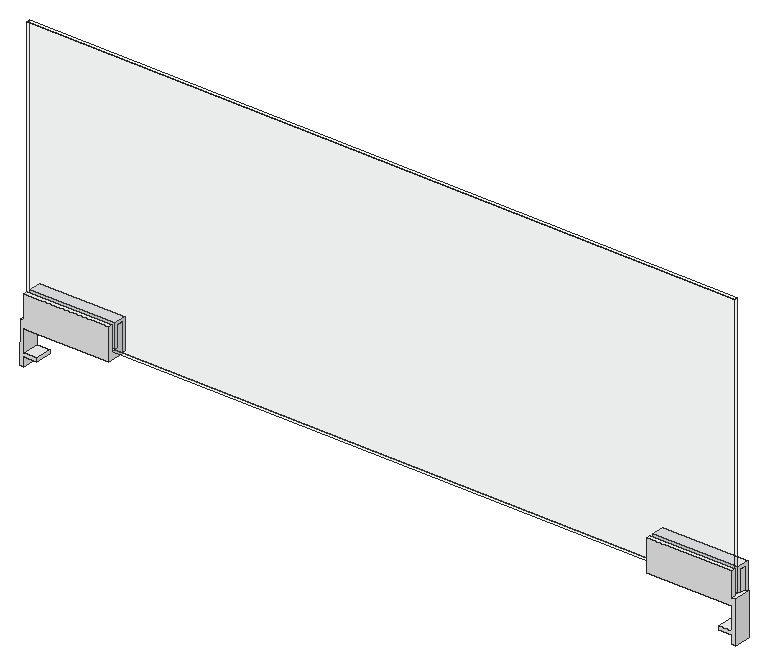
Revit family "Clarus_Divide Thinline_Center Clamp_R19", category Furniture, host Face, Revit 2019
Family settings
  Host = Face
  Cut with Voids When Loaded = No
  Shared = No
  Room Calculation Point = No
Parameters (values of type "6" Clamp - 48" Width")
  Width = 48"
  URL = "https://www.clarus.com/"
  TRC Standards [instance] = "http://therevitcollection.com/news/trc-news-the-revit-collection-standards-explained/"
  Product URL = "https://www.clarus.com/divide-thinline/"
  More Revit Families! [instance] = "www.therevitcollection.com"
  Modeled By = "Commense Studio"  # constant formula
  Model = "Divide ThinLine"  # constant formula
  Manufacturer = "Clarus"  # constant formula
  Height Control = if(Height > 30", 30", Height)  # 18"
  Edge Offset = 0"  # constant formula
  Clarus Clamp [instance] = Clarus White
  Description = "Buckle down on your workspace challenges with Divide ThinLine from Clarus®. This beautifully\r\nengineered desk divider system boasts clean lines that won’t harm your existing offi ce furniture.\r\nSince no drilling is involved and all hardware screws are strategically hidden inside the clamps,\r\nDivide ThinLine seamlessly integrates and reduces visual distractions in your offi ce, all while\r\nmaintaining the overall aesthetic. Using this new patent pending state-of-the-art clamping system,\r\nDivide ThinLine can be easily installed at the back, side or along the center of a desk, giving you the\r\nfreedom to accommodate power cords, monitor arm att achments and more. You have the option to\r\nmix and match ThinLine Top, ThinLine Side and ThinLine Center hardware on the same table, which\r\nallows you to uniquely divide up your offi ce with stability and style."  # constant formula
  Height = 18"
  Designer = ""
  Glass Thickness = 1/4"
  Default Elevation = 0"
  Clarus Glass [instance] = Glass
  Clamp Width = 6"
  Assembly Code = ""
Reference planes (in)
  plane 1 "Center (Front/Back)": y = 0
  plane 2: z = 0
  plane 3 "Center (Left/Right)": x = 0
  plane 4 "L": x = -24
  plane 5 "R": x = 24
  plane 6 "F": y = -0.25
  plane 7: z = 18.5
  plane 8: x = -24
  plane 9: x = 24
  plane 10: z = 0.5
Forms (in)
  Extrusion 1, solid, material "Glass" <- "Clarus Glass"
    sketch origin (0, 0, 0) x (1, 0, 0) y (0, 1, 0)
      loop
        line (-24, 0) -> (-24, -0.25) -> (24, -0.25) -> (24, 0) -> (-24, 0)
    from 0.5 to 18.5
Dimensions and locks (in)
  equal spacing: plane 4 "L", plane 3 "Center (Left/Right)", plane 5 "R"
  "Width": plane 4 "L" to plane 5 "R"
  "Glass Thickness": plane 6 "F" to plane 1 "Center (Front/Back)"
  "Height": plane 7 to plane 10
  "Edge Offset": plane 4 "L" to plane 8
  "Edge Offset": plane 5 "R" to plane 9
  locked: plane 10 to level at 0.5
  aligned and locked: plane 2 to host face
  aligned and locked: level to host face
  aligned and locked: plane 7 to Extrusion 1
  aligned and locked: Extrusion 1 to plane 10
  aligned and locked: nested 1 to plane 8
  aligned and locked: plane 9 to nested 2
Automatic sketch dimensions
  host sketch curve to host sketch curve = 48"
  host sketch curve to host sketch curve = 49.88232"
  Extrusion 1 sketch curve to plane 4 "L" = 0"
  Extrusion 1 sketch curve to plane 5 "R" = 0"
  plane 6 "F" to Extrusion 1 sketch curve = 0"
  plane 1 "Center (Front/Back)" to Extrusion 1 sketch curve = 0"
Nested families (in)
  nested 1: "Thinline Center Clamp_R18" at (-21.25, 0.875, 0) x (-1, 0, 0) z (0, 0, 1), Core Finish <- "Clarus Clamp", type "Thinline Center Clamp_R18"
    with TRC Standards "http://therevitcollection.com/news/trc-news-the-revit-collection-standards-explained/", More Revit Families! "www.therevitcollection.com", Core Finish Clarus White
  nested 2: "Thinline Center Clamp_R18" at (21.25, 0.875, 0), Core Finish <- "Clarus Clamp", type "Thinline Center Clamp_R18"
    with TRC Standards "http://therevitcollection.com/news/trc-news-the-revit-collection-standards-explained/", More Revit Families! "www.therevitcollection.com", Core Finish Clarus White
Definition of nested family "Thinline Center Clamp_R18"
  Parameters (values of type "Thinline Center Clamp_R18")
    Width = 6"
    URL = "https://www.clarus.com/"
    TRC Standards [instance] = "http://therevitcollection.com/news/trc-news-the-revit-collection-standards-explained/"
    Product URL = "https://www.clarus.com/be-shield/"
    More Revit Families! [instance] = "www.therevitcollection.com"
    Modeled By = "Commense Studio"  # constant formula
    Model = "be! Shield"  # constant formula
    Manufacturer = "Clarus"  # constant formula
    Core Finish [instance] = none
    Description = "be! Shield Leg Configs"  # constant formula
    Height = 4 7/16"
    Designer = ""
    Depth = 1 3/8"
    Default Elevation = 0"
    Assembly Code = ""
  Reference planes (in)
    plane 1 "Center (Front/Back)": y = 0
    plane 2: z = 0
    plane 3 "Center (Left/Right)": x = 0
    plane 4 "L": x = -3
    plane 5 "R": x = 3
    plane 6 "F": y = -1.375
    plane 7: x = 2.75
  Forms (in)
    Extrusion 1, solid
      sketch origin (0, 0, 0) x (1, 0, 0) y (0, 1, 0)
        loop
          line (-48, 48) -> (-48, -48) -> (48, -48) -> (48, 48) -> (-48, 48)
      from 0 to -12
    Extrusion 2, solid, material <- "Core Finish"
      sketch origin (10.61611, 0, 0) x (0, 0, 1) y (0, -1, 0)
        loop
          line (2.125, 1.375) -> (0, 1.375) -> (0, 0.28125) -> (1.875, 0.28125) -> (1.875, 0.59375) -> (0.5, 0.59375) -> (0.5, 1.125) -> (2.125, 1.125) -> (2.125, 1.375)
        loop
          line (0.5625, 0.6875) -> (1.9375, 0.6875) -> (1.9375, 0.1875) -> (0.06115, 0.1875) -> (0.06115, 0) -> (2.125, 0) -> (2.125, 0.875) -> (0.5625, 0.875) -> (0.5625, 0.6875)
      from -13.61611 to -7.86611
    Extrusion 3, solid, material <- "Core Finish"
      sketch origin (1.625, 9.92861, 0) x (0, 0, 1) y (1, 0, 0)
        loop
          line (0.5, 1.375) -> (-2.3125, 1.375) -> (-2.3125, 1.125) -> (-1.75135, 1.125) -> (-1.75135, 0.28125) -> (-1.50135, 0.28125) -> (-1.50135, 1.125) -> (0.5, 1.125) -> (0.5, 1.375)
      from -11.30361 to -10.20986
  Cuts and joins
    joined: Extrusion 2, Extrusion 3
  Dimensions and locks (in)
    equal spacing: plane 4 "L", plane 3 "Center (Left/Right)", plane 5 "R"
    "Width": plane 4 "L" to plane 5 "R"
    "Depth": plane 6 "F" to plane 1 "Center (Front/Back)"
    locked: plane 7 to plane 5 "R" at 0.25
    aligned and locked: plane 2 to Extrusion 1
    aligned and locked: level to Extrusion 1
    aligned and locked: Extrusion 2 to plane 4 "L"
    aligned and locked: plane 6 "F" to Extrusion 3
    aligned and locked: Extrusion 2 to plane 7
  Automatic sketch dimensions
    Extrusion 1 sketch curve to Extrusion 1 sketch curve = 96"  (x2)
    Extrusion 2 sketch curve to plane 1 "Center (Front/Back)" = 0"
    level to Extrusion 2 sketch curve = 0.06115"
    level to Extrusion 2 sketch curve = 1/2"
    Extrusion 2 sketch curve to Extrusion 2 sketch curve = 1/16"  (x2)
    plane 1 "Center (Front/Back)" to Extrusion 2 sketch curve = 19/32"
    Extrusion 2 sketch curve to Extrusion 2 sketch curve = 1 5/16"
    Extrusion 2 sketch curve to Extrusion 2 sketch curve = 3/16"  (x3)
    plane 1 "Center (Front/Back)" to Extrusion 2 sketch curve = 3/16"
    Extrusion 2 sketch curve to Extrusion 2 sketch curve = 3/32"  (x2)
    Extrusion 2 sketch curve to plane 6 "F" = 1/4"
    level to Extrusion 3 sketch curve = 1/2"
    Extrusion 3 sketch curve to plane 5 "R" = 1/4"  (x2)
    Extrusion 3 sketch curve to Extrusion 3 sketch curve = 2.00135"
    Extrusion 3 sketch curve to Extrusion 3 sketch curve = 1/4"
    Extrusion 3 sketch curve to Extrusion 3 sketch curve = 0.56115"
    Extrusion 3 sketch curve to Extrusion 3 sketch curve = 27/32"
    Extrusion 2 sketch curve to level = 0"
    Extrusion 2 sketch curve to plane 6 "F" = 0"
    Extrusion 3 sketch curve to plane 5 "R" = 0"
